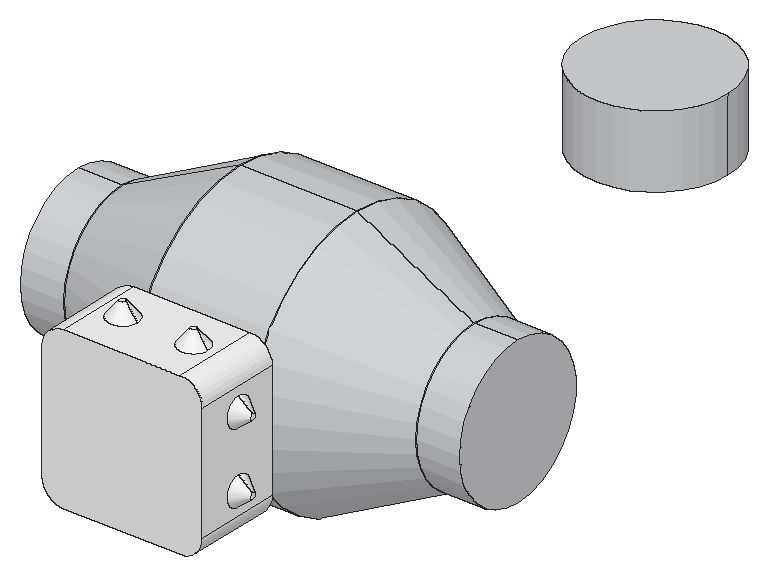
Revit family "ME_Venta InLine", category Mechanical Equipment, Revit 2022
Family settings
  Round Connector Dimension = Use Diameter
  Part Type = Breaks Into
  OmniClass Number = 23.75.00.00
  OmniClass Title = Climate Control (HVAC)
  Work Plane-Based = No
  Always vertical = Yes
  Cut with Voids When Loaded = No
  Maintain Annotation Orientation = No
  Shared = No
  Room Calculation Point = No
Parameters (values of type "TD EVO-100")
  URL = "https://statics.solerpalau.com/media/import/documentation/EN_TD-EVO_ECOWATT.pdf"
  TFP4 = "Comments"  # constant formula
  TFP3 = "TES_MotorPower"  # constant formula
  TFP2 = "TES_Pressure"  # constant formula
  TFP1 = "TES_AirFlow"  # constant formula
  TES_RPM = 2250
  TES_Pressure [instance] = 50.0 Pa
  TES_Override AirFlow [instance] = 0.0 m³/h
  TES_MotorPower = 100 W
  TES_AirFlow [instance] = 190.0 m³/h
  Socket distanse = Диаметр вентилятора + 100 mm  # 281 mm
  Socket [instance] = yes
  Override Loads [instance] = no
  Model = "TD EVO-100"
  Electrical connection scheme = "https://www.hvacquick.com/howtos/howto_wiring.php"
  Description = "מפוח קוי"  # constant formula
  Default Elevation = 0 mm
  Assembly Code = ""
  Присоединительный диаметр = 100 mm
  Диаметр вентилятора = 181 mm
  Длина вентилятора = 302 mm
  Радиус вентилятора = Диаметр вентилятора / 2  # 90.5 mm
  Присоединительный радиус = Присоединительный диаметр / 2  # 50 mm
  ADSK_Частота вращения двигателя = TES_RPM  # 2250
  ADSK_Ток = ADSK_Полная мощность / (ADSK_Напряжение * sqrt(ADSK_Количество фаз числовое))  # 0.699301 A
  ADSK_Полная мощность = TES_MotorPower / ADSK_Коэффициент мощности  # 153.846 VA
  ADSK_Напряжение = 220 V
  ADSK_Масса_Текст = ""
  ADSK_Коэффициент мощности = 0.65
  ADSK_Количество фаз числовое = 1
  ADSK_Количество фаз = 1
  ADSK_Классификация нагрузок = ОВК
  ADSK_Единица измерения = "шт."
Types (7, lengths in mm): name | TES_AirFlow | Socket distanse | Socket | Override Loads | Model | Присоединительный диаметр | Диаметр вентилятора | Длина вентилятора | Радиус вентилятора | Присоединительный радиус
  TD EVO-100 | 190.0 m³/h | 281 | yes | no | "TD EVO-100" | 100 | 181 | 302 | 90.5 | 50
  TD EVO-125 | 310.0 m³/h | 291 | yes | no | "TD EVO-125" | 125 | 191 | 302 | 95.5 | 62.5
  TD EVO-150 | 560.0 m³/h | 321 | yes | no | "TD EVO-150" | 150 | 221 | 306 | 110.5 | 75
  TD EVO-160 | 580.0 m³/h | 321 | yes | no | "TD EVO-160" | 160 | 221 | 326 | 110.5 | 80
  TD EVO-200 | 850.0 m³/h | 338 | yes | no | "TD EVO-200" | 200 | 238 | 346 | 119 | 100
  TD EVO-250 | 1380.0 m³/h | 389 | yes | no | "TD EVO-250" | 250 | 289 | 390 | 144.5 | 125
  TD EVO-315 | 1780.0 m³/h | 453 | no | yes | "TD EVO-315" | 315 | 353 | 485 | 176.5 | 157.5
Reference planes
  plane 1 "По центру (Вперед/Назад)": y = 0
  plane 2: z = 0
  plane 3 "По центру (Влево/Вправо)": x = 0
  plane 4 "2": x = 30
  plane 5 "3": x = 110.667
  plane 6 "4": x = 191.333
  plane 7 "5": x = 272
  plane 8 "6": x = 302
  plane 9: x = 151
Forms (mm)
  Extrusion 1, solid, detail levels fine
    sketch origin (110.667, 0, 0) x (0, 0, 1) y (0, -1, 0)
      loop
        circle (0, 0) r 50
    from -110.667 to -80.667
  Blend 2, solid, detail levels fine
    base sketch origin (30, 0, 0) x (0, 0, 1) y (0, -1, 0)
      loop
        circle (0, 0) r 90.5
    top sketch origin (30, 0, 0) x (0, 0, 1) y (0, -1, 0)
      loop
        circle (0, 0) r 50
    from 80.667 to 0
  Extrusion 3, solid, detail levels fine
    sketch origin (110.667, 0, 0) x (0, 0, 1) y (0, -1, 0)
      loop
        circle (0, 0) r 90.5
    from 0 to 80.667
  Extrusion 4, solid, detail levels fine
    sketch origin (600, 0, 0) x (0, 0, 1) y (0, 1, 0)
      loop
        circle (0, 0) r 50
    from 298 to 328
  Blend 5, solid, detail levels fine
    base sketch origin (800, 0, 0) x (0, 0, 1) y (0, 1, 0)
      loop
        circle (0, 0) r 90.5
    top sketch origin (800, 0, 0) x (0, 0, 1) y (0, 1, 0)
      loop
        circle (0, 0) r 50
    from 608.667 to 528
Lines and regions (mm)
  reference lines
    curve 1: line (12.5, 0, 0) -> (2.5, 0, 0)
    curve 2: line (151, -15, 0) -> (151, -35, 0)
Dimensions and locks
  equal spacing: plane 7 "5", plane 6 "4", plane 5 "3", plane 4 "2"
  locked: plane 8 "6" to plane 7 "5" at 30
  locked: plane 4 "2" to plane 3 "По центру (Влево/Вправо)" at 30
  equal spacing: plane 5 "3", plane 9, plane 6 "4"
  "Длина вентилятора": plane 8 "6" to plane 3 "По центру (Влево/Вправо)"
  "Socket distanse": plane 1 "По центру (Вперед/Назад)" to nested 3
  "Радиус вентилятора": plane 1 "По центру (Вперед/Назад)" to nested 1
  "Присоединительный радиус": radius of Extrusion 1 sketch curve
  "Радиус вентилятора": radius of Blend 2 sketch curve
  "Присоединительный радиус": radius of Blend 2 sketch curve
  "Радиус вентилятора": radius of Extrusion 3 sketch curve
  "Присоединительный радиус": radius of Extrusion 4 sketch curve
  "Радиус вентилятора": radius of Blend 5 sketch curve
  "Присоединительный радиус": radius of Blend 5 sketch curve
  aligned and locked: level to plane 2
  aligned and locked: level to Extrusion 1 sketch curve
  aligned and locked: plane 1 "По центру (Вперед/Назад)" to Extrusion 1 sketch curve
  aligned: Extrusion 1 to plane 4 "2"
  aligned and locked: Extrusion 1 to plane 3 "По центру (Влево/Вправо)"
  aligned and locked: plane 4 "2" to Extrusion 1
  aligned and locked: level to Blend 2 sketch curve  (x2)
  aligned and locked: plane 1 "По центру (Вперед/Назад)" to Blend 2 sketch curve  (x2)
  aligned and locked: Blend 2 to plane 4 "2"
  aligned and locked: plane 5 "3" to Blend 2
  aligned and locked: level to Extrusion 3 sketch curve
  aligned and locked: plane 1 "По центру (Вперед/Назад)" to Extrusion 3 sketch curve
  aligned and locked: plane 6 "4" to Extrusion 3
  aligned and locked: Blend 5 to plane 6 "4"
  aligned and locked: plane 7 "5" to Blend 5
  aligned and locked: Extrusion 4 to plane 7 "5"
  aligned and locked: plane 8 "6" to Extrusion 4
  aligned and locked: Extrusion 3 to Blend 5
  aligned and locked: Extrusion 3 to plane 5 "3"
  aligned and locked: Blend 2 to Extrusion 3
  aligned and locked: plane 1 "По центру (Вперед/Назад)" to nested 2
  aligned and locked: plane 9 to nested 2
Automatic sketch dimensions
  Extrusion 4 sketch curve to level = 0 mm
  Extrusion 4 sketch curve to plane 1 "По центру (Вперед/Назад)" = 0 mm
  Blend 5 sketch curve to level = 0 mm  (x2)
  Blend 5 sketch curve to plane 1 "По центру (Вперед/Назад)" = 0 mm  (x2)
  plane 3 "По центру (Влево/Вправо)" to curve 1 = 12.5 mm
  plane 3 "По центру (Влево/Вправо)" to curve 1 = 2.5 mm
  plane 1 "По центру (Вперед/Назад)" to curve 2 = 15 mm
  curve 2 to curve 2 = 20 mm
  curve 2 to plane 9 = 0 mm
  plane 1 "По центру (Вперед/Назад)" to curve 1 = 0 mm
Nested families
  nested 1: "ADSK_Клемная коробка" at (95.333, -90.5, -55) x (1, 0, 0) z (0, -1, 0), type "Клемная коробка", detail levels fine
  nested 2: "ADSK_УсловноеОбозначениеВентилятор-2D" at (151, 0, 0), type "УГО_Вентилятор", detail levels coarse+medium
  nested 3: "EF_Socket" at (171.667, 281, 0), visible <- "Socket", type "230V 10A"
Connectors
  hvac at (0, 0, 0), driven by "TES_AirFlow", driven by "Присоединительный диаметр"
    settings: on Extrusion 1, index 4, duct flow 190.0 m³/h, flow factor 0, pres drop 0.0 Pa, loss coef 0, conn angle 0.00°, conn width 304.8 mm, conn height 304.8 mm, conn diameter 100 mm, duct sys type 29, conn prof type 0, flow config 0, flow direction 0, loss method 0, conn ref index 6, conn util no, is conn primary yes, conn desc ""
  electrical at (150.333, -150.5, 0), driven by "ADSK_Напряжение", driven by "ADSK_Полная мощность", driven by "ADSK_Коэффициент мощности", driven by "ADSK_Классификация нагрузок", driven by "ADSK_Количество фаз"
    settings: on nested 1, index 5, voltage 220 V, apparent load 153.846 VA, apparent load phase1 0 VA, apparent load phase2 0 VA, apparent load phase3 0 VA, power factor 0.65, load classification "ОВК", number of poles 1, system type 30, power factor state 1, is connector primary yes, connector utility no, sub classification motor no, connector description ""
  hvac at (302, 0, 0), driven by "Присоединительный диаметр"
    settings: on Extrusion 4, index 6, duct flow 0.0 m³/h, flow factor 0, pres drop 0.0 Pa, loss coef 0, conn angle 0.00°, conn width 304.8 mm, conn height 304.8 mm, conn diameter 100 mm, duct sys type 29, conn prof type 0, flow config 0, flow direction 0, loss method 0, conn ref index 4, conn util no, is conn primary no, conn desc ""
Definition of nested family "ADSK_Клемная коробка"
  Parameters (values of type "Клемная коробка")
    Ширина = 110 mm
    Длина = 110 mm
    Высота = 60 mm
    Default Elevation = 0 mm
  Reference planes
    plane 1 "Юг": y = 0
    plane 2: z = 0
    plane 3 "Запад": x = 0
    plane 4: x = 110
    plane 5 "Север": y = 110
    plane 6 "Верх": z = 60
    plane 7: y = 120
    plane 8: x = 120
    plane 9: x = -10
    plane 10: y = -10
    plane 11: z = 0
  Forms (mm)
    Extrusion 1, solid, detail levels fine
      sketch origin (0, 0, 0) x (1, 0, 0) y (0, 1, 0)
        loop
          arc (15, 110) -> (4.393, 105.607) -> (0, 95) r 15
          line (0, 95) -> (0, 15)
          arc (0, 15) -> (4.393, 4.393) -> (15, 0) r 15
          line (15, 0) -> (95, 0)
          arc (95, 0) -> (105.607, 4.393) -> (110, 15) r 15
          line (110, 15) -> (110, 95)
          arc (110, 95) -> (105.607, 105.607) -> (95, 110) r 15
          line (95, 110) -> (15, 110)
      from 0 to 60
    Blend 2, solid, detail levels fine
      base sketch origin (13.231, 0, 0) x (1, 0, 0) y (0, 0, 1)
        loop
          circle (17.441, 28.931) r 10
      top sketch origin (13.231, 0, 0) x (1, 0, 0) y (0, 0, 1)
        loop
          circle (17.441, 28.931) r 2
      from 0 to 10
    Blend 3, solid, detail levels fine
      base sketch origin (96.769, 0, 0) x (-1, 0, 0) y (0, 0, -1)
        loop
          circle (17.441, -28.931) r 10
      top sketch origin (96.769, 0, 0) x (-1, 0, 0) y (0, 0, -1)
        loop
          circle (17.441, -28.931) r 2
      from 0 to 10
    Blend 4, solid, detail levels fine
      base sketch origin (13.231, 110, 0) x (1, 0, 0) y (0, 0, -1)
        loop
          circle (17.441, -28.931) r 10
      top sketch origin (13.231, 110, 0) x (1, 0, 0) y (0, 0, -1)
        loop
          circle (17.441, -28.931) r 2
      from 0 to 10
    Blend 5, solid, detail levels fine
      base sketch origin (96.769, 110, 0) x (-1, 0, 0) y (0, 0, 1)
        loop
          circle (17.441, 28.931) r 10
      top sketch origin (96.769, 110, 0) x (-1, 0, 0) y (0, 0, 1)
        loop
          circle (17.441, 28.931) r 2
      from 0 to 10
    Blend 6, solid, detail levels fine
      base sketch origin (0, 13.612, 0) x (0, 1, 0) y (0, 0, -1)
        loop
          circle (17.441, -28.931) r 10
      top sketch origin (0, 13.612, 0) x (0, 1, 0) y (0, 0, -1)
        loop
          circle (17.441, -28.931) r 2
      from 0 to 10
    Blend 7, solid, detail levels fine
      base sketch origin (0, 97.15, 0) x (0, -1, 0) y (0, 0, 1)
        loop
          circle (17.441, 28.931) r 10
      top sketch origin (0, 97.15, 0) x (0, -1, 0) y (0, 0, 1)
        loop
          circle (17.441, 28.931) r 2
      from 0 to 10
    Blend 8, solid, detail levels fine
      base sketch origin (110, 13.612, 0) x (0, 1, 0) y (0, 0, 1)
        loop
          circle (17.441, 28.931) r 10
      top sketch origin (110, 13.612, 0) x (0, 1, 0) y (0, 0, 1)
        loop
          circle (17.441, 28.931) r 2
      from 0 to 10
    Blend 9, solid, detail levels fine
      base sketch origin (110, 97.15, 0) x (0, -1, 0) y (0, 0, -1)
        loop
          circle (17.441, -28.931) r 10
      top sketch origin (110, 97.15, 0) x (0, -1, 0) y (0, 0, -1)
        loop
          circle (17.441, -28.931) r 2
      from 0 to 10
    Extrusion 10, solid, detail levels medium
      sketch origin (0, 0, 0) x (1, 0, 0) y (0, 1, 0)
        loop
          line (0, 110) -> (0, 0) -> (110, 0) -> (110, 110) -> (0, 110)
      from 0 to 60
  Dimensions and locks
    "Длина": plane 5 "Север" to plane 1 "Юг"
    "Ширина": plane 3 "Запад" to plane 4
    locked: plane 7 to plane 5 "Север" at 10
    locked: plane 1 "Юг" to plane 10 at 10
    locked: plane 9 to plane 3 "Запад" at 10
    locked: plane 4 to plane 8 at 10
    level to plane 11 = 0 mm
    aligned and locked: level to plane 2
    aligned and locked: plane 5 "Север" to Extrusion 1
    aligned and locked: plane 1 "Юг" to Extrusion 1
    aligned and locked: Extrusion 1 to plane 3 "Запад"
    aligned and locked: Extrusion 1 to plane 4
    aligned and locked: plane 6 "Верх" to Extrusion 1
    aligned and locked: Blend 2 to plane 1 "Юг"
    aligned and locked: Blend 3 to plane 1 "Юг"
    aligned and locked: Blend 4 to plane 5 "Север"
    aligned and locked: Blend 5 to plane 5 "Север"
    aligned and locked: plane 3 "Запад" to Blend 7
    aligned and locked: plane 3 "Запад" to Blend 6
    aligned and locked: plane 4 to Blend 9
    aligned and locked: plane 4 to Blend 8
    aligned and locked: plane 7 to Blend 4
    aligned and locked: plane 7 to Blend 5
    aligned and locked: plane 9 to Blend 6
    aligned and locked: plane 9 to Blend 7
    aligned and locked: Blend 8 to plane 8
    aligned and locked: Blend 9 to plane 8
    aligned and locked: Blend 3 to plane 10
    aligned and locked: Blend 2 to plane 10
    aligned and locked: Extrusion 1 to plane 11
    aligned and locked: Extrusion 10 sketch curve to plane 5 "Север"
    aligned and locked: plane 3 "Запад" to Extrusion 10 sketch curve
    aligned and locked: Extrusion 10 sketch curve to plane 1 "Юг"
    aligned and locked: plane 4 to Extrusion 10 sketch curve
    aligned and locked: Extrusion 10 to plane 11
    aligned and locked: plane 6 "Верх" to Extrusion 10
  Automatic sketch dimensions
    Extrusion 1 sketch curve to plane 3 "Запад" = 0 mm
    plane 1 "Юг" to Extrusion 1 sketch curve = 0 mm
    Extrusion 1 sketch curve to plane 5 "Север" = 0 mm
    Extrusion 1 sketch curve to plane 4 = 0 mm
    plane 3 "Запад" to Extrusion 1 sketch curve = 15 mm  (x2)
    plane 4 to Extrusion 1 sketch curve = 15 mm  (x2)
    plane 3 "Запад" to Blend 2 sketch curve = 30.672 mm  (x2)
    level to Blend 2 sketch curve = 28.931 mm  (x2)
    Blend 3 sketch curve to plane 4 = 30.672 mm  (x2)
    Blend 3 sketch curve to level = 28.931 mm  (x2)
    plane 3 "Запад" to Blend 4 sketch curve = 30.672 mm  (x2)
    level to Blend 4 sketch curve = 28.931 mm  (x2)
    plane 4 to Blend 5 sketch curve = 30.672 mm  (x2)
    level to Blend 5 sketch curve = 28.931 mm  (x2)
    Blend 6 sketch curve to plane 1 "Юг" = 31.053 mm  (x2)
    level to Blend 6 sketch curve = 28.931 mm  (x2)
    Blend 7 sketch curve to plane 5 "Север" = 30.291 mm  (x2)
    level to Blend 7 sketch curve = 28.931 mm  (x2)
    Blend 8 sketch curve to plane 1 "Юг" = 31.053 mm  (x2)
    level to Blend 8 sketch curve = 28.931 mm  (x2)
    Blend 9 sketch curve to plane 5 "Север" = 30.291 mm  (x2)
    level to Blend 9 sketch curve = 28.931 mm  (x2)
    radius of Blend 2 sketch curve = 10 mm
    radius of Blend 2 sketch curve = 2 mm
    radius of Blend 3 sketch curve = 10 mm
    radius of Blend 3 sketch curve = 2 mm
    radius of Blend 4 sketch curve = 10 mm
    radius of Blend 4 sketch curve = 2 mm
    radius of Blend 5 sketch curve = 10 mm
    radius of Blend 5 sketch curve = 2 mm
    radius of Blend 6 sketch curve = 10 mm
    radius of Blend 6 sketch curve = 2 mm
    radius of Blend 7 sketch curve = 10 mm
    radius of Blend 7 sketch curve = 2 mm
    radius of Blend 8 sketch curve = 10 mm
    radius of Blend 8 sketch curve = 2 mm
    radius of Blend 9 sketch curve = 10 mm
    radius of Blend 9 sketch curve = 2 mm
Definition of nested family "EF_Socket"
  Parameters (values of type "230V 20A")
    Voltage = 230 V
    TES_MaximumCurrent = 20 A
    Default Elevation = 2300 mm
    D = 100 mm
  Types (3, lengths in mm): name | TES_MaximumCurrent
    230V 10A | 10 A
    230V 16A | 16 A
    230V 20A | 20 A
  Reference planes
    plane 1 "Center (Front/Back)": y = 0
    plane 2: z = 0
    plane 3 "Center (Left/Right)": x = 0
  Forms (mm)
    Extrusion 1, solid
      sketch origin (0, 0, 0) x (1, 0, 0) y (0, 1, 0)
        loop
          circle (0, 0) r 50
      from 0 to 50
  Dimensions and locks
    level to Extrusion 1 = 50 mm
    "D": diameter of Extrusion 1 sketch curve
    aligned and locked: level to plane 2
  Automatic sketch dimensions
    plane 1 "Center (Front/Back)" to Extrusion 1 sketch curve = 0 mm
    Extrusion 1 sketch curve to plane 3 "Center (Left/Right)" = 0 mm
  Nested families
    nested 1: "GA_Socket" at (0, 0, 0), type "GA_Socket"
  Definition of nested family "GA_Socket"
    Parameters (values of type "GA_Socket")
      Voltage = 230 V
      TES_MaximumCurrent = 20 A
    Reference planes
      plane 1: y = 0
      plane 2: x = 0
    Lines and regions (mm)
      detail lines
        curve 1: circle (0, 0, 0) r 1.5 normal (0, 0, 1)
        curve 2: line (-0.53, 1.403, 0) -> (-0.53, -2.052, 0)
        curve 3: line (0.53, 1.403, 0) -> (0.53, -2.052, 0)
    Text (mm)
      label "Voltage\nTES_MaximumCurrent" at (1.631, -0.023, 0), shows "Voltage", "TES_MaximumCurrent"
Definition of nested family "ADSK_УсловноеОбозначениеВентилятор-2D"
  Parameters (values of type "УГО_Вентилятор")
    x = Диаметр / 4  # 71.25 mm
    Диаметр = Радиус * 2  # 285 mm
    Радиус = 142.5 mm
    Default Elevation = 0 mm
  Reference planes
    plane 1 "По центру (Вперед/Назад)": y = 0
    plane 2: z = 0
    plane 3 "По центру (Влево/Вправо)": x = 0
    plane 4: x = -71.25
  Lines and regions (mm)
    model lines
      curve 1: circle (0, 0, 0) r 142.5 normal (0, 0, 1)
      curve 2: line (142.5, 0, 0) -> (-71.25, 123.409, 0)
      curve 3: line (-71.25, -123.409, 0) -> (-71.25, 123.409, 0)
      curve 4: line (-71.25, -123.409, 0) -> (142.5, 0, 0)
  Dimensions and locks
    "x": plane 4 to plane 3 "По центру (Влево/Вправо)"
    "Радиус": radius of curve 1
    aligned and locked: level to plane 2
    aligned and locked: plane 1 "По центру (Вперед/Назад)" to curve 1
    aligned and locked: plane 3 "По центру (Влево/Вправо)" to curve 1
  Automatic sketch dimensions
    curve 4 to plane 4 = 0 mm
    curve 2 to plane 4 = 0 mm
    plane 1 "По центру (Вперед/Назад)" to curve 4 = 0 mm
    plane 1 "По центру (Вперед/Назад)" to curve 2 = 0 mm
